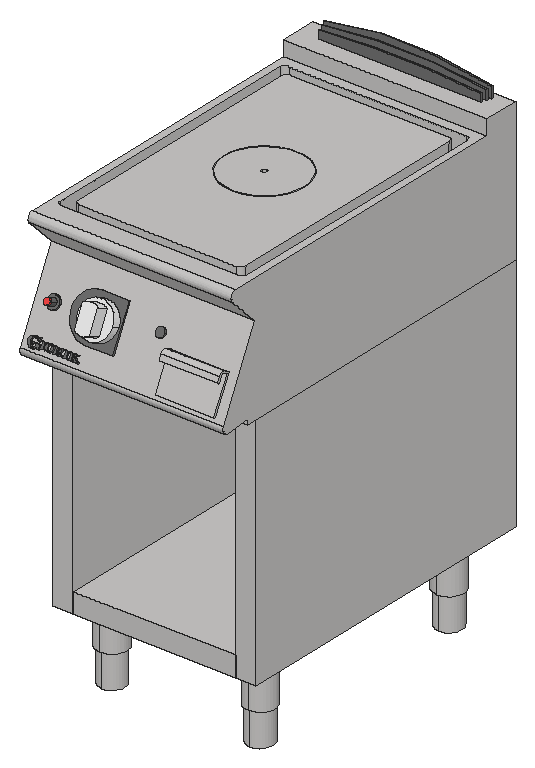
Revit family "QF_GIORIK_TG720G", category Specialty Equipment, Revit 2014
Parameters (values of type "TG720G")
  Weight in Pounds = 187.3927
  URL Cutsheet = "www.giorik.com"
  URL = "www.giorik.com"
  Status [instance] = ""
  Specification by User [instance] = ""
  Specification by Manufacturer = ""
  Show Logo [instance] = yes
  Show Clearance [instance] = yes
  Serial Number = ""
  Seismic Rating = ""
  SMACNA No = ""
  Revision Code [instance] = ""
  NAFEM Spec ID Number = ""
  Model = "TG720G"
  Mechanical Remarks [instance] = "Natural Gas"
  Mechanical Connection Type [instance] = ""
  Masterspec = ""
  Manufacturer = "GIORIK"
  Item Number [instance] = ""
  Installed By [instance] = ""
  Identify Quantity as Lot [instance] = no
  Gas Size = 1"
  Gas RI Height [instance] = 0 mm
  Gas KW = 6
  Gas Input = 6000 W
  Gas Connection Height [instance] = 150 mm
  Furnished By [instance] = ""
  Foodservice Equipment Identifier [instance] = yes
  Description = "GAS SOLID TOP HOB ON OPEN BASE UNIT"
  CSI MasterFormat = ""
  Assembly Code = "E1090320"
Reference planes
  plane 1 "Back": y = 0
  plane 2: z = 0
  plane 3 "Left": x = 0
  plane 4 "Right": x = 400
  plane 5 "Front": y = -720
  plane 6 "Top": z = 900
Forms (mm)
  Extrusion 1, solid, visible <- "Show Logo"
    sketch origin (-83.016, -736.761, 609.486) x (-1, 0, 0) y (0, 0.452718, 0.891654)
      loop
        line (-118.824, 58.358) -> (-127.804, 58.358) -> (-125.523, 56.445) -> (-125.523, 48.027) -> (-127.804, 46.113) -> (-118.824, 46.113) -> (-121.105, 48.027) -> (-121.105, 56.445) -> (-118.824, 58.358)
      loop
        line (-163.721, 58.358) -> (-172.7, 58.358) -> (-170.42, 56.445) -> (-170.42, 48.027) -> (-172.7, 46.113) -> (-163.721, 46.113) -> (-166.001, 48.027) -> (-166.001, 56.445) -> (-163.721, 58.358)
      loop
        line (-174.332, 58.358) -> (-183.312, 58.358) -> (-181.031, 56.445) -> (-181.031, 52.435) -> (-186.419, 56.955) -> (-184.416, 58.358) -> (-191.268, 58.358) -> (-188.01, 56.839) -> (-185.455, 54.283) -> (-190.846, 47.858) -> (-193.396, 46.93) -> (-193.396, 46.113) -> (-184.416, 46.113) -> (-185.437, 47.571) -> (-182.443, 51.552) -> (-181.031, 50.894) -> (-181.031, 48.027) -> (-183.312, 46.113) -> (-174.332, 46.113) -> (-176.613, 48.027) -> (-176.613, 56.445) -> (-174.332, 58.358)
      loop
        line (-115.429, 62.063) -> (-115.429, 54.198)
        arc (-115.429, 54.198) -> (-111.618, 57.803) -> (-106.847, 59.986) r 16.039
        arc (-106.847, 59.986) -> (-103.314, 59.837) -> (-100.512, 57.68) r 5.851
        arc (-100.512, 57.68) -> (-98.815, 52.267) -> (-100.512, 46.853) r 9.479
        arc (-100.512, 46.853) -> (-102.406, 44.986) -> (-104.846, 43.93) r 7.236
        arc (-104.846, 43.93) -> (-107.728, 44.111) -> (-110.052, 45.825) r 5.11
        line (-110.052, 45.825) -> (-110.052, 52.001) -> (-116.141, 52.001) -> (-116.141, 45.503) -> (-117.893, 43.751) -> (-114.094, 44.769)
        arc (-114.094, 44.769) -> (-112.56, 44.947) -> (-111.129, 44.366) r 3.115
        arc (-111.129, 44.366) -> (-104.216, 42.091) -> (-97.303, 44.366) r 11.641
        arc (-97.303, 44.366) -> (-93.396, 52.107) -> (-97.303, 59.849) r 9.622
        arc (-97.303, 59.849) -> (-104.369, 62.174) -> (-111.435, 59.849) r 11.898
        line (-111.435, 59.849) -> (-115.429, 62.063)
      loop
        arc (-129.234, 56.068) -> (-135.893, 58.628) -> (-142.552, 56.068) r 9.941
        arc (-142.552, 56.068) -> (-144.234, 52.286) -> (-142.552, 48.505) r 5.093
        arc (-142.552, 48.505) -> (-135.893, 45.945) -> (-129.234, 48.505) r 9.941
        arc (-129.234, 48.505) -> (-127.552, 52.286) -> (-129.234, 56.068) r 5.093
      loop
        arc (-132.628, 54.403) -> (-135.893, 57.668) -> (-139.158, 54.403) r 3.265
        line (-139.158, 54.403) -> (-139.158, 50.169)
        arc (-139.158, 50.169) -> (-135.893, 46.904) -> (-132.628, 50.169) r 3.265
        line (-132.628, 50.169) -> (-132.628, 54.403)
      loop
        arc (-156.363, 58.365) -> (-159.647, 55.081) -> (-156.363, 51.796) r 3.285
        line (-156.363, 51.796) -> (-159.529, 47.306) -> (-162.087, 46.113) -> (-155.847, 46.113) -> (-153.529, 51.083) -> (-150.637, 51.083) -> (-150.637, 47.784) -> (-153.022, 46.113) -> (-144.011, 46.113) -> (-146.094, 47.68) -> (-146.094, 56.493) -> (-144.229, 58.365) -> (-156.363, 58.365)
      loop
        line (-150.637, 57.512) -> (-153.637, 57.512)
        arc (-153.637, 57.512) -> (-156.237, 54.912) -> (-153.637, 52.312) r 2.6
        line (-153.637, 52.312) -> (-150.637, 52.312) -> (-150.637, 57.512)
      loop
        line (-108.924, 52.001) -> (-104.936, 49.005) -> (-100.948, 52.001) -> (-108.924, 52.001)
    from 1.5 to -0.5
  Extrusion 2, solid
    sketch origin (-16, 1025.81, 0) x (1, 0, 0) y (0, 1, 0)
      loop
        line (25, -1086.81) -> (25, -1156.81) -> (115, -1156.81) -> (115, -1086.81) -> (25, -1086.81)
    from 148 to 150
  Extrusion 3, solid
    sketch origin (-4, 0, 130) x (1, 0, 0) y (0, 1, 0)
      loop
        circle (54, -385) r 12.5
    from 0 to 20
  Extrusion 4, solid
    sketch origin (0, 1000, -20) x (0, 1, 0) y (0, 0, 1)
      loop
        line (-1000, 919.988) -> (-1070, 919.988) -> (-1070, 889.988) -> (-1688.806, 889.988)
        arc (-1688.806, 889.988) -> (-1699.151, 883.075) -> (-1696.724, 870.873) r 11.197
        line (-1696.724, 870.873) -> (-1640.876, 815.025) -> (-1718.948, 661.258)
        arc (-1718.948, 661.258) -> (-1718.233, 650.105) -> (-1708.118, 645.354) r 10.981
        line (-1708.118, 645.354) -> (-1660, 649.925) -> (-1660, 640) -> (-1000, 640) -> (-1000, 919.988)
    from 0 to 400
  Extrusion 5, solid
    sketch origin (0, 0, 599.536) x (1, 0, 0) y (0, 1, 0)
      loop
        line (0, -640) -> (40, -640) -> (40, -40) -> (360, -40) -> (360, -640) -> (400, -640) -> (400, 0) -> (0, 0) -> (0, -640)
    from -449.536 to 20.464
  Extrusion 6, solid
    sketch origin (0, 0, 0) x (1, 0, 0) y (0, 1, 0)
      loop
        line (40, -40) -> (40, -640) -> (360, -640) -> (360, -40) -> (40, -40)
    from 150 to 190
  Extrusion 7, solid
    sketch origin (-16, 560.81, 0) x (1, 0, 0) y (0, 1, 0)
      loop
        line (25, -1086.81) -> (25, -1156.81) -> (115, -1156.81) -> (115, -1086.81) -> (25, -1086.81)
    from 148 to 150
  Revolve 8, solid
    sketch origin (54, 560.81, 0) x (0, 1, 0) y (0, 0, 1)
      loop
        line (-1092.56, 66) -> (-1092.56, 148) -> (-1121.81, 148) -> (-1121.81, 0) -> (-1096.81, 0) -> (-1096.81, 66) -> (-1092.56, 66)
      axis (-1121.81, 0) -> (-1121.81, 148)
    angle from 0 to 360
  Revolve 9, solid
    sketch origin (54, 1025.81, 0) x (0, 1, 0) y (0, 0, 1)
      loop
        line (-1092.56, 66) -> (-1092.56, 148) -> (-1121.81, 148) -> (-1121.81, 0) -> (-1096.81, 0) -> (-1096.81, 66) -> (-1092.56, 66)
      axis (-1121.81, 0) -> (-1121.81, 148)
    angle from 0 to 360
  Extrusion 10, solid
    sketch origin (416, 560.81, 0) x (-1, 0, 0) y (0, -1, 0)
      loop
        line (25, 1086.81) -> (115, 1086.81) -> (115, 1156.81) -> (25, 1156.81) -> (25, 1086.81)
    from 148 to 150
  Revolve 11, solid
    sketch origin (346, 560.81, 0) x (0, 1, 0) y (0, 0, -1)
      loop
        line (-1092.56, -66) -> (-1096.81, -66) -> (-1096.81, 0) -> (-1121.81, 0) -> (-1121.81, -148) -> (-1092.56, -148) -> (-1092.56, -66)
      axis (-1121.81, 0) -> (-1121.81, -148)
    angle from 0 to 360
  Extrusion 12, void
    sketch origin (402.225, 0, 900) x (0, 1, 0) y (-1, 0, 0)
      loop
        line (-90, 27.225) -> (-90, 377.225)
        arc (-90, 377.225) -> (-92.929, 384.296) -> (-100, 387.225) r 10
        line (-100, 387.225) -> (-640.565, 387.225)
        arc (-640.565, 387.225) -> (-647.636, 384.296) -> (-650.565, 377.225) r 10
        line (-650.565, 377.225) -> (-650.565, 27.225)
        arc (-650.565, 27.225) -> (-647.636, 20.154) -> (-640.565, 17.225) r 10
        line (-640.565, 17.225) -> (-100, 17.225)
        arc (-100, 17.225) -> (-92.929, 20.154) -> (-90, 27.225) r 10
    from -30.012 to -70.012
  Extrusion 13, solid
    sketch origin (416, -1217.81, 0) x (-1, 0, 0) y (0, -1, 0)
      loop
        line (25, -1086.81) -> (25, -1156.81) -> (115, -1156.81) -> (115, -1086.81) -> (25, -1086.81)
    from 148 to 150
  Revolve 14, solid
    sketch origin (346, -1217.81, 0) x (0, -1, 0) y (0, 0, 1)
      loop
        line (-1092.56, 66) -> (-1092.56, 148) -> (-1121.81, 148) -> (-1121.81, 0) -> (-1096.81, 0) -> (-1096.81, 66) -> (-1092.56, 66)
      axis (-1121.81, 0) -> (-1121.81, 148)
    angle from 0 to 360
  Extrusion 15, solid
    sketch origin (-397.775, 0, 829.988) x (0, 1, 0) y (-1, 0, 0)
      loop
        line (-110, -752.776) -> (-110, -442.775)
        arc (-110, -442.775) -> (-112.929, -435.704) -> (-120, -432.775) r 10
        line (-120, -432.775) -> (-620.565, -432.775)
        arc (-620.565, -432.775) -> (-627.636, -435.704) -> (-630.565, -442.775) r 10
        line (-630.565, -442.775) -> (-630.565, -752.776)
        arc (-630.565, -752.776) -> (-627.636, -759.847) -> (-620.565, -762.776) r 10
        line (-620.565, -762.776) -> (-120, -762.776)
        arc (-120, -762.776) -> (-112.929, -759.847) -> (-110, -752.776) r 10
      loop
        circle (-370.282, -599.41) r 80
    from 0 to 40
  Extrusion 16, solid
    sketch origin (-397.775, 0, 829.988) x (0, 1, 0) y (-1, 0, 0)
      loop
        circle (-370.282, -599.41) r 78
      loop
        circle (-370.282, -599.41) r 5
    from 0 to 40
  Extrusion 17, solid
    sketch origin (-294.488, -964.114, 52.363) x (1, 0, 0) y (0, 0.452718, 0.891654)
      loop
        line (463.221, 676.25) -> (463.221, 766.25) -> (409.698, 766.25)
        arc (409.698, 766.25) -> (364.698, 721.25) -> (409.698, 676.25) r 45
        line (409.698, 676.25) -> (463.221, 676.25)
    from 48 to 50
  Extrusion 18, solid
    sketch origin (480.064, -1009.466, 74.959) x (-1, 0, 0) y (0, -0.45351, -0.891251)
      loop
        circle (351.331, -721.346) r 35
    from 0 to 15
  Extrusion 19, solid
    sketch origin (480.064, -1009.466, 74.959) x (-1, 0, 0) y (0, -0.45351, -0.891251)
      loop
        arc (336.331, -743.846) -> (351.331, -748.846) -> (366.331, -743.846) r 25
        line (366.331, -743.846) -> (366.331, -698.846)
        arc (366.331, -698.846) -> (351.331, -693.846) -> (336.331, -698.846) r 25
        line (336.331, -698.846) -> (336.331, -743.846)
    from 15 to 40
  Extrusion 20, solid
    sketch origin (73.883, -980.441, 71.011) x (-1, 0, 0) y (0, -0.452718, -0.891654)
      loop
        circle (38.702, -711.666) r 12.5
    from 25 to 27
  Extrusion 21, solid
    sketch origin (800.091, -1007.423, 77.507) x (-1, 0, 0) y (0, -0.452718, -0.891654)
      loop
        circle (764.91, -718.089) r 6
    from 0 to 15
  Extrusion 22, solid
    sketch origin (800.091, -1008.459, 78.033) x (-1, 0, 0) y (0, -0.452718, -0.891654)
      loop
        circle (764.91, -718.089) r 6
    from 13.838 to 15.838
  Extrusion 23, solid
    sketch origin (-94, 0, -10.001) x (1, 0, 0) y (0, 0, 1)
      loop
        line (135, 909.989) -> (453, 909.989) -> (453, 925.527) -> (347.056, 931.749) -> (240.944, 931.749) -> (135, 925.527) -> (135, 909.989)
    from 32 to 35
  Extrusion 24, solid
    sketch origin (-92, 10, -10.001) x (1, 0, 0) y (0, 0, 1)
      loop
        line (454, 909.989) -> (454, 928.527) -> (346.162, 939.193) -> (237.838, 939.193) -> (130, 928.527) -> (130, 909.989) -> (454, 909.989)
    from 32 to 35
  Extrusion 25, solid
    sketch origin (-90, 20, -10.001) x (1, 0, 0) y (0, 0, 1)
      loop
        line (455, 909.989) -> (455, 930.527) -> (345.396, 947.413) -> (234.604, 947.413) -> (125, 930.527) -> (125, 909.989) -> (455, 909.989)
    from 32 to 35
  Extrusion 26, solid
    sketch origin (127.393, -1006.711, 162.846) x (0, 0.891654, -0.452718) y (0, 0.452718, 0.891654)
      loop
        line (40, 640.1) -> (30, 640.1)
        arc (30, 640.1) -> (22.929, 637.171) -> (20, 630.1) r 10
        line (20, 630.1) -> (20, 620.1) -> (22, 620.1) -> (22, 630.1)
        arc (22, 630.1) -> (24.343, 635.757) -> (30, 638.1) r 8
        line (30, 638.1) -> (38, 638.1) -> (38, 565.1) -> (40, 565.1) -> (40, 640.1)
    from 137.5 to 252.5
  Extrusion 27, solid
    sketch origin (278.883, -972.825, 86.011) x (-1, 0, 0) y (0, -0.452718, -0.891654)
      loop
        circle (38.657, -711.64) r 9
    from 25 to 27
Cuts and joins
  Extrusion 12 cuts Extrusion 4
Lines and regions (mm)
  symbolic lines, style "200-EquipBorder-2D"
    curve 1: line (0, -720, 0) -> (400, -720, 0)
    curve 2: line (400, -720, 0) -> (400, 0, 0)
    curve 3: line (400, 0, 0) -> (0, 0, 0)
    curve 4: line (0, 0, 0) -> (0, -720, 0)
  symbolic lines, style "200-EquipInternal-2D"
    curve 5: line (0, -70, 900) -> (400, -70, 900)
    curve 6: line (15, -100, 900) -> (15, -640.565, 900)
    curve 7: arc (45, -110, 900) -> (37.929, -112.929, 900) -> (35, -120, 900) r 10
    curve 8: arc (25, -90, 900) -> (17.929, -92.929, 900) -> (15, -100, 900) r 10
    curve 9: line (375, -90, 900) -> (25, -90, 900)
    curve 10: line (355, -110, 900) -> (45, -110, 900)
    curve 11: line (35, -120, 900) -> (35, -620.565, 900)
    curve 12: arc (385, -100, 900) -> (382.071, -92.929, 900) -> (375, -90, 900) r 10
    curve 13: arc (365, -120, 900) -> (362.071, -112.929, 900) -> (355, -110, 900) r 10
    curve 14: line (365, -620.565, 900) -> (365, -120, 900)
    curve 15: line (385, -640.565, 900) -> (385, -100, 900)
    curve 16: arc (375, -650.565, 900) -> (382.071, -647.636, 900) -> (385, -640.565, 900) r 10
    curve 17: arc (355, -630.565, 900) -> (362.071, -627.636, 900) -> (365, -620.565, 900) r 10
    curve 18: line (45, -630.565, 900) -> (355, -630.565, 900)
    curve 19: line (25, -650.565, 900) -> (375, -650.565, 900)
    curve 20: arc (35, -620.565, 900) -> (37.929, -627.636, 900) -> (45, -630.565, 900) r 10
    curve 21: arc (15, -640.565, 900) -> (17.929, -647.636, 900) -> (25, -650.565, 900) r 10
    curve 22: circle (201.635, -370.282, 900) r 80 normal (0, 0, 1)
    curve 23: circle (201.635, -370.282, 900) r 78 normal (0, 0, 1)
    curve 24: circle (201.635, -370.282, 900) r 5 normal (0, 0, 1)
    curve 25: line (35, -12, 900) -> (365, -12, 900)
    curve 26: line (365, -12, 900) -> (365, -15, 900)
    curve 27: line (365, -15, 900) -> (35, -15, 900)
    curve 28: line (35, -15, 900) -> (35, -12, 900)
    curve 29: line (38, -22, 900) -> (362, -22, 900)
    curve 30: line (362, -22, 900) -> (362, -25, 900)
    curve 31: line (362, -25, 900) -> (38, -25, 900)
    curve 32: line (38, -25, 900) -> (38, -22, 900)
    curve 33: line (41, -32, 900) -> (359, -32, 900)
    curve 34: line (359, -32, 900) -> (359, -35, 900)
    curve 35: line (359, -35, 900) -> (41, -35, 900)
    curve 36: line (41, -35, 900) -> (41, -32, 900)
Dimensions and locks
  plane 3 "Left" to plane 4 "Right" = 400 mm
  plane 5 "Front" to plane 1 "Back" = 720 mm
  plane 4 "Right" to plane 3 "Left" = 400 mm
  plane 1 "Back" to plane 5 "Front" = 720 mm
  plane 6 "Top" to level = 900 mm  (x2)
  aligned and locked: level to plane 2
Connectors
  piping at (50, -385, 130), diameter 25.4, driven by "Gas Size"
    settings: on Extrusion 3, index 1, connector inside diameter 24", connector length 0 mm, flow factor 0, pipe flow 0.0 L/s, pressure drop 0.0 Pa, fitting loss kfactor 0, connector angle 0.00°, fixture units 0, engagement length 0 mm, angle of deflection 0.00°, flow configuration 1, flow direction 1, fitting loss method 0, system type 22, joint type 0, gender type 0, connector reference index -1, connector utility 0, adjustable connector no, is connector primary yes, connector description "Gas inlet"
